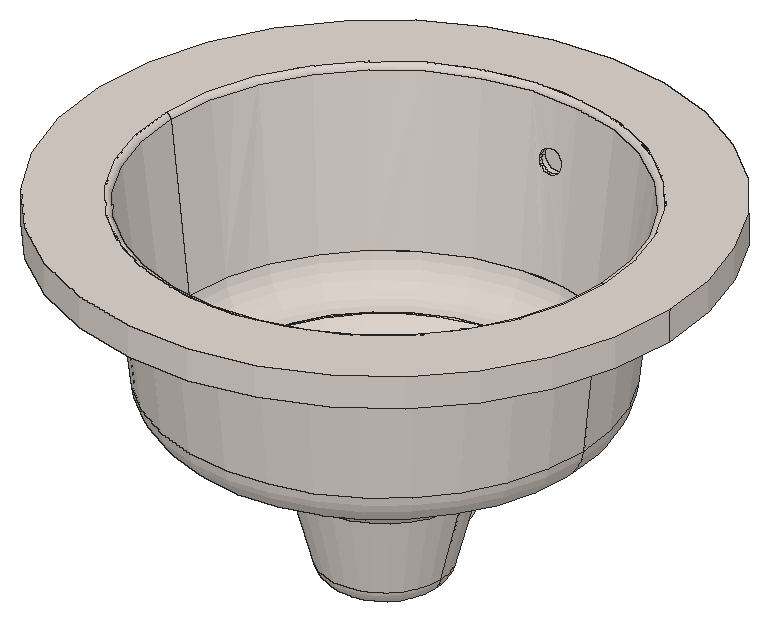
Revit family "xBasin-Undercounter-DXV-Pop_Petite_Round-D20120000_Series", category Plumbing Fixtures, Revit 2014
Parameters (values of type "D20120000.071")
  Width = 12 5/8"
  Waste Connection Radius = 5/8"
  Waste Connection Height = 20 1/4"
  Waste Connection Diameter = Waste Connection Radius * 2  # 1 1/4"
  Waste Connection = yes
  Warranty Documentation Link = "https://www.dxv.com/-/media/files/dxv/warranty/dxv_warranty_booklet.ashx"
  WFU = 2
  Vent Connection = no
  URL = "http://www.dxv.com/"
  Product Page URL = "https://www.dxv.com/product/pop-petite-round-undermount-bathroom-sink-by-dxv"
  Product Documentation Link = "https://dxv01.blob.core.windows.net/dxv-product-pdf-files/spec_D20120000_DXV_Pop_rd_petite_uc_lav_EN.pdf"
  Price = "Prices may vary. Please consult Manufacturer Representative for most up-to-date price list."  # constant formula
  Outlet Location = 3 1/16"
  Model = "D20120000.071"
  Material = "Vitreous China-DXV-071-Biscuit"
  Manufacturer = "DXV"  # constant formula
  Length = 12 5/8"
  Installation Type = "Undercounter"  # constant formula
  Hot Water Connection Width = 4"
  Hot Water Connection Radius = 1/4"
  Hot Water Connection Height = 22 3/4"
  Hot Water Connection Diameter = Hot Water Connection Radius * 2  # 1/2"
  Height = 7 1/2"
  HWFU = 1.5
  HW Connection = yes
  Finish = Vitreous China-DXV-071-Biscuit
  Description = "Pop Petite Round Under Counter Lavatory "  # constant formula
  Default Elevation = 34"
  Creation Date = "11/15/2017"  # constant formula
  Cold Water Connection Width = 4"
  Cold Water Connection Radius = 1/4"
  Cold Water Connection Height = Hot Water Connection Height  # 22 3/4"
  Cold Water Connection Diameter = Cold Water Connection Radius * 2  # 1/2"
  CWFU = 1.5
  CW Connection = yes
  Basin Shape = "Round"  # constant formula
  Assembly Code = "D2010310"
  ADA Compliant = yes
Types (3): name | Model | Material | Finish
  (no name) | "D20120000.071" | "Vitreous China-DXV-071-Biscuit" | Vitreous China-DXV-071-Biscuit
  D20120000.415 | "D20120000.415" | "Vitreous China-DXV-415-Canvas White" | Vitreous China-DXV-415-Canvas White
  D20120000.071 | "D20120000.071" | "Vitreous China-DXV-071-Biscuit" | Vitreous China-DXV-071-Biscuit
Reference planes (in)
  plane 1 "Center (Front/Back)": y = 0
  plane 2: z = 0
  plane 3 "Center (Left/Right)": x = 0
  plane 4: y = -3.0625
  plane 5: y = -15.6875
  plane 6: y = -14.125
  plane 7: y = -4.625
  plane 8: z = -34
  plane 9: z = -7.5
  plane 10: z = -11.25
  plane 11: z = -13.75
  plane 12: z = -0.625
  plane 13: z = -5.5
  plane 14: x = -1
  plane 15: x = 1
  plane 16: y = -5.125
  plane 17: z = 1
  plane 18: y = -9.375
  plane 19: y = -9.375
  plane 20: x = 6.3125
  plane 21: x = -6.3125
  plane 22: x = 4.75
  plane 23: x = -4.75
Forms (in)
  Sweep 1, solid, material "Vitreous China-DXV-071-Biscuit" <- "Finish"
    path origin (0, -9.4375, 0) x (1, 0, 0) y (0, 1, 0)
      loop
        circle (0, 0.0625) r 6.3125
    profile origin (6.3125, -9.375, 0) x (-1, 0, 0) y (0, 0, 1)
      loop
        line (0, 0) -> (0, -0.625) -> (1.46158, -0.625)
        arc (1.46158, -0.625) -> (1.54466, -0.65661) -> (1.58573, -0.73546) r 0.125
        line (1.58573, -0.73546) -> (1.90674, -3.47578)
        arc (1.90674, -3.47578) -> (2.20567, -4.04976) -> (2.81052, -4.27988) r 0.90996
        line (2.81052, -4.27988) -> (2.8445, -4.27988) -> (2.8445, -4.21738) -> (2.81052, -4.21738)
        arc (2.81052, -4.21738) -> (2.24721, -4.00306) -> (1.96881, -3.46851) r 0.84746
        line (1.96881, -3.46851) -> (1.57544, -0.11046)
        arc (1.57544, -0.11046) -> (1.53438, -0.03161) -> (1.45129, 0) r 0.125
        line (1.45129, 0) -> (0.15948, 0) -> (0, 0)
  Blend 2, solid, material "Vitreous China-DXV-071-Biscuit" <- "Finish"
    base sketch origin (0, -9.4375, 0) x (1, 0, 0) y (0, 1, 0)
      loop
        circle (0, 0.0625) r 1
    top sketch origin (0, -9.4375, 0) x (1, 0, 0) y (0, 1, 0)
      loop
        circle (0, 0.0625) r 3.468
    from -6.00409 to -4.21738
  Revolve 3, solid, material "Vitreous China-DXV-071-Biscuit" <- "Finish"
    sketch origin (0, -9.375, 0) x (1, 0, 0) y (0, 0, 1)
      loop
        line (-0.625, -7.5) -> (-0.625, -5.25) -> (-1.74613, -5.25) -> (-1.24255, -7.12941)
        arc (-1.24255, -7.12941) -> (-1.06397, -7.39668) -> (-0.75959, -7.5) r 0.5
        line (-0.75959, -7.5) -> (-0.625, -7.5)
      axis (0, -7.5) -> (0, -5.25)
    angle from 0 to 360
  Extrusion 4, void
    sketch origin (0, -9.4375, 0) x (1, 0, 0) y (0, 1, 0)
      loop
        circle (0, 0.0625) r 0.75
    from -7.5 to -4.27988
  Extrusion 5, solid, not visible
    sketch origin (0, 0, 0) x (1, 0, 0) y (0, 0, 1)
      loop
        circle (-4, -11.25) r 0.25
      loop
        circle (4, -11.25) r 0.25
      loop
        circle (0, -13.75) r 0.625
    from 0 to 0.03125
  Extrusion 6, void
    sketch origin (0, 0, 0) x (1, 0, 0) y (0, 0, 1)
      loop
        circle (0, -1.28839) r 0.25
    from 4.625 to 5.125
  Blend 7, void
    base sketch origin (0, -9.4375, 0) x (1, 0, 0) y (0, 1, 0)
      loop
        circle (0, 0.0625) r 1
    top sketch origin (0, -9.4375, 0) x (1, 0, 0) y (0, 1, 0)
      loop
        circle (0, 0.0625) r 3.468
    from -5.5 to -4.21738
  Extrusion 8, void
    sketch origin (0, 0, 0) x (1, 0, 0) y (0, 1, 0)
      loop
        circle (0, -9.375) r 4.375
    from -7.5 to 1
  Sweep 9, solid, material "Vitreous China-DXV-071-Biscuit" <- "Finish"
    path origin (0, 0, 0) x (1, 0, 0) y (0, 1, 0)
      loop
        arc (-1.02809, -4.73759) -> (0, -4.625) -> (1.02809, -4.73759) r 4.75
    profile origin (0, -4.625, 0) x (0, 1, 0) y (0, 0, 1)
      loop
        line (0.75463, -0.59375) -> (-0.04148, -0.59375) -> (-0.38115, -3.57446)
        arc (-0.38115, -3.57446) -> (-0.72239, -4.05464) -> (-1.282, -4.23864) r 0.94302
        line (-1.282, -4.23864) -> (-4.125, -5.85236) -> (-4.125, -7.1616) -> (-3.19653, -7.1616)
        arc (-3.19653, -7.1616) -> (-3.0011, -7.12183) -> (-2.83676, -7.00883) r 0.5
        line (-2.83676, -7.00883) -> (-1.24108, -5.35558)
        arc (-1.24108, -5.35558) -> (-0.90394, -5.10726) -> (-0.50372, -4.98421) r 1.25
        arc (-0.50372, -4.98421) -> (0.07513, -4.6961) -> (0.35364, -4.11256) r 0.99238
        line (0.35364, -4.11256) -> (0.75463, -0.59375)
Cuts and joins
  Extrusion 4, Extrusion 6 cuts Sweep 1
  Extrusion 4, Blend 7 cuts Blend 2
  Blend 7 cuts Revolve 3
  Extrusion 6 cuts Sweep 9
  joined: Sweep 1, Blend 2, Revolve 3, Sweep 9
Lines and regions (in)
  Masking region 1
    outline origin (0, 0, 0) x (1, 0, 0) y (0, 1, 0)
      loop
        circle (0, -9.375) r 6.3125
  symbolic lines, detail levels medium+fine
    curve 1: circle (0, -9.375, 0) r 0.75 normal (0, 0, 1)
    curve 3: circle (0, -9.375, 0) r 4.75 normal (0, 0, 1)
  symbolic lines, detail levels fine
    curve 2: circle (0, -9.375, 0) r 1 normal (0, 0, 1)
    curve 4: circle (0, -9.375, 0) r 3.468 normal (0, 0, 1)
Dimensions and locks (in)
  "Length": plane 4 to plane 5
  plane 6 to plane 7 = 9 1/2"  (x2)
  "Default Elevation": level to plane 8
  "Waste Connection Height": plane 11 to plane 8
  "Hot Water Connection Height": plane 10 to plane 8
  "Height": level to plane 9
  level to plane 12 = 5/8"
  "Outlet Location": plane 1 "Center (Front/Back)" to plane 4
  plane 4 to plane 19 = 6 5/16"
  "Width": plane 21 to plane 20
  plane 23 to plane 22 = 9 1/2"
  level to plane 13 = 5 1/2"
  aligned and locked: Extrusion 6 to plane 7
  aligned and locked: Extrusion 6 to plane 16
  aligned and locked: plane 17 to Extrusion 8
Automatic sketch dimensions
  Blend 2 sketch curve to plane 3 "Center (Left/Right)" = 0"  (x2)
  Extrusion 4 sketch curve to plane 3 "Center (Left/Right)" = 0"
  Extrusion 5 sketch curve to plane 3 "Center (Left/Right)" = 0"
  Extrusion 5 sketch curve to plane 11 = 0"
  Extrusion 5 sketch curve to plane 10 = 0"  (x2)
  Extrusion 6 sketch curve to plane 3 "Center (Left/Right)" = 0"
  Extrusion 6 sketch curve to plane 12 = 0.66339"
  Blend 7 sketch curve to plane 3 "Center (Left/Right)" = 0"  (x2)
  Revolve 3 sketch curve to plane 9 = 0"
  Revolve 3 sketch curve to plane 3 "Center (Left/Right)" = 0"
  Revolve 3 sketch curve to plane 3 "Center (Left/Right)" = 5/8"
  Revolve 3 sketch curve to Revolve 3 sketch curve = 0.13459"
  plane 9 to Revolve 3 sketch curve = 0.37059"
  Revolve 3 sketch curve to Revolve 3 sketch curve = 0.48296"
  plane 13 to Revolve 3 sketch curve = 1/4"
  Revolve 3 sketch curve to Revolve 3 sketch curve = 1.12113"
  Revolve 3 sketch curve to plane 9 = 1/4"
  Revolve 3 sketch curve to Revolve 3 sketch curve = 1/2"
  Blend 2 sketch curve to plane 16 = 4 1/4"
  Extrusion 4 sketch curve to plane 16 = 4 1/4"
  Blend 7 sketch curve to plane 16 = 4 1/4"
  plane 23 to Extrusion 5 sketch curve = 3/4"
  Extrusion 5 sketch curve to plane 22 = 3/4"
  Sweep 1 sketch curve to plane 3 "Center (Left/Right)" = 0"
  Sweep 1 sketch curve to plane 18 = 0"
  Sweep 1 sketch curve to Sweep 1 sketch curve = 0"  (x2)
  Sweep 1 sketch curve to profile plane = 0"  (x2)
  Sweep 1 sketch curve to profile plane = 0.15948"
  Sweep 1 sketch curve to Sweep 1 sketch curve = 1.29181"
  Sweep 1 sketch curve to Sweep 1 sketch curve = 0.01029"
  Sweep 1 sketch curve to profile plane = 0.11046"
  Sweep 1 sketch curve to Sweep 1 sketch curve = 0.12415"  (x2)
  Sweep 1 sketch curve to profile plane = 0.73546"
  Sweep 1 sketch curve to profile plane = 1.90674"
  Sweep 1 sketch curve to Sweep 1 sketch curve = 0.06208"
  Sweep 1 sketch curve to Sweep 1 sketch curve = 0.84171"
  Sweep 1 sketch curve to Sweep 1 sketch curve = 0.03398"
  Sweep 1 sketch curve to Sweep 1 sketch curve = 0.01454"
  Sweep 1 sketch curve to Sweep 1 sketch curve = 2.63446"
  Sweep 1 sketch curve to Sweep 1 sketch curve = 0.0986"
  Sweep 1 sketch curve to Sweep 1 sketch curve = 0.00727"
  Extrusion 8 sketch curve to plane 3 "Center (Left/Right)" = 0"
  Extrusion 8 sketch curve to plane 19 = 0"
  Blend 7 sketch curve to plane 19 = 0"
  Blend 2 sketch curve to plane 19 = 0"
  plane 19 to Sweep 9 sketch curve = 4.63741"
  plane 23 to Sweep 9 sketch curve = 3.72191"
  Sweep 9 sketch curve to plane 3 "Center (Left/Right)" = 0"
  profile plane to Sweep 9 sketch curve = 4 1/8"
  Sweep 9 sketch curve to Sweep 9 sketch curve = 0.92847"
  Sweep 9 sketch curve to Sweep 9 sketch curve = 0.35976"
  profile plane to Sweep 9 sketch curve = 1.282"
  Sweep 9 sketch curve to Sweep 9 sketch curve = 0.04092"
  profile plane to Sweep 9 sketch curve = 0.63236"
  profile plane to Sweep 9 sketch curve = 0.38115"
  profile plane to Sweep 9 sketch curve = 0.34168"
  profile plane to Sweep 9 sketch curve = 0.04148"
  Sweep 9 sketch curve to profile plane = 0.35364"
  Sweep 9 sketch curve to profile plane = 0.75463"
  Sweep 9 sketch curve to level = 7.1616"
  Sweep 9 sketch curve to Sweep 9 sketch curve = 0.15277"
  Sweep 9 sketch curve to Sweep 9 sketch curve = 201/256"
  Sweep 9 sketch curve to Sweep 9 sketch curve = 0.80925"
  Sweep 9 sketch curve to Sweep 9 sketch curve = 0.86808"
  Sweep 9 sketch curve to Sweep 9 sketch curve = 1.11694"
  Sweep 9 sketch curve to Sweep 9 sketch curve = 0.12607"
  Sweep 9 sketch curve to Sweep 9 sketch curve = 0.23843"
  Sweep 9 sketch curve to Sweep 9 sketch curve = 0.42574"
  Sweep 9 sketch curve to level = 19/32"
  curve 1 to curve 2 = 0"  (x2)
  curve 1 to curve 3 = 0"  (x2)
  curve 1 to curve 4 = 0"  (x2)
  curve 2 to curve 3 = 0"  (x2)
  curve 2 to curve 4 = 0"  (x2)
  curve 3 to curve 4 = 0"  (x2)
  curve 2 to plane 3 "Center (Left/Right)" = 0"
  curve 2 to plane 19 = 0"
  Masking region 1 sketch curve to plane 3 "Center (Left/Right)" = 0"
  Masking region 1 sketch curve to plane 19 = 0"
  radius of Blend 2 sketch curve = 1"
  radius of Extrusion 4 sketch curve = 3/4"
  radius of Extrusion 5 sketch curve = 1/4"  (x2)
  radius of Extrusion 5 sketch curve = 5/8"
  radius of Extrusion 6 sketch curve = 1/4"
  radius of Blend 7 sketch curve = 1"
  radius of Sweep 1 sketch curve = 6 5/16"
  radius of Extrusion 8 sketch curve = 4 3/8"
  radius of Blend 7 sketch curve = 3.468"
  radius of Blend 2 sketch curve = 3.468"
  radius of curve 1 = 3/4"
  radius of curve 2 = 1"
  radius of curve 3 = 4 3/4"
  radius of curve 4 = 3.468"
  radius of Masking region 1 sketch curve = 6 5/16"
Connectors (in)
  piping at (-4, 0, -11.25), diameter 0.5, driven by "Hot Water Connection Radius", driven by "HWFU"
    settings: on Extrusion 5, index 1, connector inside diameter 1/2", connector length 0", flow factor 0, pipe flow 0 GPM, pressure drop 0.00 psi, fitting loss kfactor 0, connector angle 0.00°, fixture units 1.5, engagement length 0", angle of deflection 0.00°, flow configuration 3, flow direction 1, fitting loss method 0, system type 19, joint type 0, gender type 0, connector reference index -1, connector utility 0, adjustable connector no, is connector primary yes, connector description "1/2\" HW Supply Inlet"
  piping at (0, 0, -13.75), diameter 1.25, driven by "Waste Connection Radius", driven by "WFU"
    settings: on Extrusion 5, index 2, connector inside diameter 1 1/4", connector length 0", flow factor 0, pipe flow 0 GPM, pressure drop 0.00 psi, fitting loss kfactor 0, connector angle 0.00°, fixture units 2, engagement length 0", angle of deflection 0.00°, flow configuration 3, flow direction 2, fitting loss method 0, system type 16, joint type 0, gender type 0, connector reference index -1, connector utility 0, adjustable connector yes, is connector primary no, connector description "1-1/4\" O.D. Waste Outlet"
  piping at (4, 0, -11.25), diameter 0.5, driven by "Cold Water Connection Radius", driven by "CWFU"
    settings: on Extrusion 5, index 3, connector inside diameter 1/2", connector length 0", flow factor 0, pipe flow 0 GPM, pressure drop 0.00 psi, fitting loss kfactor 0, connector angle 0.00°, fixture units 1.5, engagement length 0", angle of deflection 0.00°, flow configuration 3, flow direction 1, fitting loss method 0, system type 20, joint type 0, gender type 0, connector reference index -1, connector utility 0, adjustable connector no, is connector primary no, connector description "1/2\" CW Supply Inlet"
